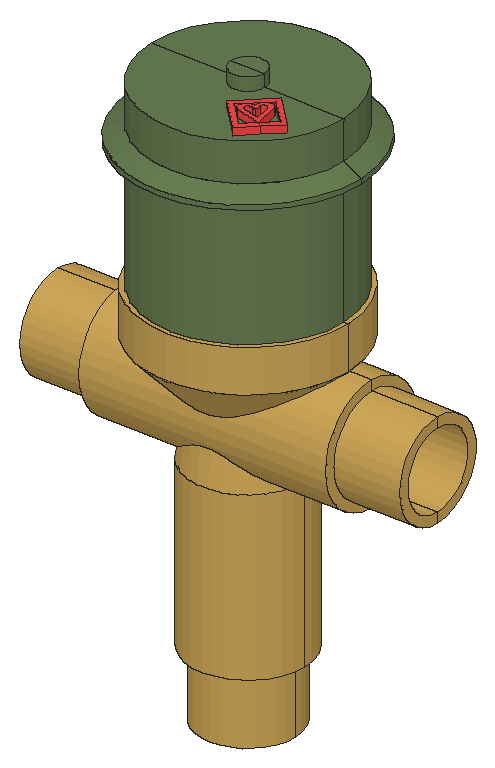
Revit family "Смесительный клапан системы водоснабжения 7766 54", category Rohrzubehör, Revit 2021
Family settings
  Bemaßung runder Anschluss = Durchmesser verwenden
  Teiletyp = Unterbricht
  OmniClass-Nummer = 23.65.55.14
  OmniClass-Titel = Valves for Liquid Services
  Arbeitsebenenbasiert = Nein
  Immer vertikal = Ja
  Beim Laden mit Abzugskörper schneiden = Nein
  Gemeinsam genutzt = Nein
Parameters
  Шпиндель = "латунь, устойчивая к селективной цинковой коррозии, CW626N"  # constant formula
  Уплотнение = "EPDM"  # constant formula
  Среда = "Питьевая вода"  # constant formula
  Пружина = "нержавеющая сталь 1.4310"  # constant formula
  Примечание = "В соответствии со статьей 33 Регламента REACH (Registration; Evaluation; Authorisation; Restriction of Chemicals) (EC № 1907/2006) мы обязаны указать, что свинец внесен в список SVHC (Substances of Very High Concern - вещества очень высокой важности) и весовой процент свинца во всех латунных компонентах заводского изготовления в наших изделиях, превышает 0,1 % (w/w) (CAS: 7439-92-1 / EINECS: 231-100-4).\r\nПоскольку свинец является легирующим компонентом сплава, прямое негативное влияние исключается, и поэтому дополнительной информации о безопасном использовании не требуется."
  Номер заказа = 2776654  # constant formula
  Маховик = "ABS"  # constant formula
  Корпус = "латунь, устойчивая к селективной цинковой коррозии, CC770S"  # constant formula
  Температурная стабильность на выходе = "+-2°C"  # constant formula
  Мин. превышение температуры горячей воды над температурой воды в смесителе = 15 °C  # constant formula
  Мин. расход = 0.07 L/s  # constant formula
  Мин. рабочая температура (холодная вода) = "5 °C - 25 °C"  # constant formula
  Макс. рабочая температура (горячая вода) = 85 °C  # constant formula
  Макс. рабочее давление (динамическое) = "0.2 - 6 bar"  # constant formula
  Указания по техническому обслуживанию = "• Рекомендуется проведение проверки не реже одного раза в год.\r\n   При использовании воды плохого или неизвестного качества проверки следует проводить чаще.\r\n• Проверки температуры воды на выходе должны выполняться точно таким же способом, как и при первичной установке; значение этой температуры не должно отличаться от заданной температуры более, чем на + / - 2 °С.\r\n• Обратные клапаны легко доступны для чистки.\r\n   Рекомендуется использовать плоскогубцы с удлиненными губками для того, чтобы избежать повреждений обратного клапана при его извлечении.\r\n• Помимо снятия маховика и очистки обратного клапана дальнейший демонтаж клапана для технического обслуживания не требуется."
  Vorgabe-Ansicht = 0 mm
  URL = "www.herz-armaturen.ru"
  Диапазон установки = "35 °C - 50 °C"  # constant formula
  Указания по безопасности = "Cмесительный клапан для систем питьевого водоснабжения выполняет функцию защитaы от ожога.\r\nЕго рекомендуется заменять каждые 5 лет.\r\nМестные стандарты и правила должны соблюдаться."
  SCTWSEQ = "AW;SBT_TYP_AW=\"104\";3"
  SCTWCODE = "04;18;03"  # constant formula
  S02 = H07 - H01 - H05  # 38.4 mm
  S01 = H00 - H01  # 61 mm
  R07 = 3.5 mm  # constant formula
  R06 = 24 mm  # constant formula
  R05 = 20.3 mm  # constant formula
  R04 = 24 mm  # constant formula
  R03 = R02 + 2 mm  # 12 mm
  R02 = Nennweite / 2  # 10 mm
  R01 = 8 mm  # constant formula
  Nennweite = 20 mm  # constant formula
  Температура смешения (заводская настройка) = 45 °C  # constant formula
  LO1 = H07 - H05  # 59.4 mm
  L02 = 21.3 mm  # constant formula
  L01 = 12 mm  # constant formula
  L00 = 40 mm  # constant formula
  Внутренние части = "латунь, устойчивая к селективной цинковой коррозии, CW626N"  # constant formula
  Hersteller = "HERZ Armaturen Ges.m.b.H."  # constant formula
  H08 = 8 mm  # constant formula
  H07 = 62 mm  # constant formula
  H06 = 25.4 mm  # constant formula
  H05 = 2.6 mm  # constant formula
  H04 = 35 mm  # constant formula
  H03 = 14 mm  # constant formula
  H02 = 9 mm  # constant formula
  H01 = 21 mm  # constant formula
  H00 = 82 mm  # constant formula
  Принцип работы = "Термостатический смесительный клапан 7766 TMV применяется в системах с теплой питьевой водой.\r\nНезависимо от изменений давления или температуры холодной и горячей воды, смешиваемой в клапане, смешанная вода постоянно регулируется до заданной температуры и расхода.\r\nТермостатический клапан работает независимо и без дополнительной энергии.\r\nПосле монтажа предварительно настроенное значение желаемой температуры смешивания поддерживается постоянным в пределах гистерезиса регулирования."
  Расход при давлении 3 бар = 0.7 L/s  # constant formula
  Рабочее давление (статическое) = 1000000.0 Pa  # constant formula
  Резьба для подключения = "плоское уплотнение, G 3/4"  # constant formula
Reference planes
  plane 1 "Mitte (Vorne/hinten)": y = 0
  plane 2: z = 0
  plane 3 "Mitte (Links/rechts)": x = 0
Forms (mm)
  Revolve 1, solid, material "Kunststoff GRÜN", detail levels fine
    sketch origin (-2.352, 0, -141.797) x (1, 0, 0) y (0, 0, 1)
      loop
        line (-1.148, 201.197) -> (-17.948, 201.197) -> (-17.948, 193.197) -> (-21.648, 191.197) -> (-21.648, 190.197) -> (-17.948, 188.197) -> (-17.948, 162.797) -> (2.352, 162.797) -> (2.352, 203.797) -> (-1.148, 203.797) -> (-1.148, 201.197)
      axis (2.352, 203.797) -> (2.352, 162.797)
    angle from 0 to 360
  Revolve 2, solid, material "Messing, weicher Gelbton, geschweißt", detail levels fine
    sketch origin (101.455, 0, 0) x (1, 0, 0) y (0, 0, 1)
      loop
        line (-101.455, -49) -> (-101.455, 21) -> (-122.755, 21) -> (-122.755, 12) -> (-111.455, 0) -> (-113.455, -12) -> (-113.455, -47) -> (-111.455, -47) -> (-111.455, -61) -> (-109.455, -61) -> (-109.455, -49) -> (-101.455, -49)
      axis (-101.455, 21) -> (-101.455, -61)
    angle from 0 to 360
  Revolve 3, solid, material "Messing, weicher Gelbton, geschweißt", detail levels fine
    sketch origin (-28, 0, 0) x (1, 0, 0) y (0, 0, 1)
      loop
        line (56, 8) -> (68, 8) -> (68, 10) -> (54, 10) -> (54, 12) -> (2, 12) -> (2, 10) -> (-12, 10) -> (-12, 8) -> (0, 8) -> (0, 0) -> (56, 0) -> (56, 8)
      axis (-12, 0) -> (68, 0)
    angle from 0 to 360
Lines and regions (mm)
  model lines, detail levels coarse+medium
    curve 1: line (-40, 0, 10) -> (-40, 0, -10)
    curve 2: line (-40, 0, -10) -> (40, 0, 10)
    curve 3: line (40, 0, 10) -> (40, 0, -10)
    curve 4: line (40, 0, -10) -> (-40, 0, 10)
    curve 5: line (0, 0, 0) -> (10, 0, -61)
    curve 6: line (10, 0, -61) -> (-10, 0, -61)
    curve 7: line (-10, 0, -61) -> (0, 0, 0)
    curve 8: line (0, 0, 0) -> (0, 0, 21)
    curve 9: line (-20.3, 0, 21) -> (20.3, 0, 21)
    curve 10: line (20.3, 0, 21) -> (20.3, 0, 59.4)
    curve 11: line (20.3, 0, 59.4) -> (-20.3, 0, 59.4)
    curve 12: line (-20.3, 0, 59.4) -> (-20.3, 0, 21)
    curve 13: line (20.3, 0, 59.4) -> (-20.3, 0, 21)
    curve 14: line (-20.3, 0, 59.4) -> (20.3, 0, 21)
    curve 15: line (-40, 10, 0) -> (-40, -10, 0)
    curve 16: line (-40, -10, 0) -> (40, 10, 0)
    curve 17: line (40, 10, 0) -> (40, -10, 0)
    curve 18: line (40, -10, 0) -> (-40, 10, 0)
    curve 19: line (0, 0, 0) -> (-10, -61, 0)
    curve 20: line (-10, -61, 0) -> (10, -61, 0)
    curve 21: line (10, -61, 0) -> (0, 0, 0)
    curve 22: line (0, 0, 0) -> (0, 21, 0)
    curve 23: line (-20.3, 21, 0) -> (20.3, 21, 0)
    curve 24: line (20.3, 21, 0) -> (20.3, 59.4, 0)
    curve 25: line (20.3, 59.4, 0) -> (-20.3, 59.4, 0)
    curve 26: line (-20.3, 59.4, 0) -> (-20.3, 21, 0)
    curve 27: line (20.3, 59.4, 0) -> (-20.3, 21, 0)
    curve 28: line (-20.3, 59.4, 0) -> (20.3, 21, 0)
Dimensions and locks
  "L00": Revolve 3 sketch curve to plane 3 "Mitte (Links/rechts)" to Revolve 3 sketch curve
  "L01": Revolve 3 sketch curve to Revolve 3 sketch curve  (x2)
  "R01": Revolve 3 sketch curve to Revolve 3 sketch curve  (x2)
  "R02": Revolve 3 sketch curve to Revolve 3 sketch curve
  "L02": Revolve 2 sketch curve to Revolve 2 sketch curve
  "H02": Revolve 2 sketch curve to Revolve 2 sketch curve
  "R02": Revolve 2 sketch curve to Revolve 2 sketch curve  (x2)
  "H01": Revolve 2 sketch curve to plane 2
  "H00": Revolve 2 sketch curve to Revolve 2 sketch curve
  "H03": Revolve 2 sketch curve to Revolve 2 sketch curve
  "R03": Revolve 2 sketch curve to Revolve 2 sketch curve
  "H04": Revolve 2 sketch curve to Revolve 2 sketch curve
  "R01": Revolve 2 sketch curve to Revolve 2 sketch curve
  "L01": Revolve 2 sketch curve to Revolve 2 sketch curve
  "H03": Revolve 3 sketch curve to Revolve 3 sketch curve  (x2)
  "R03": Revolve 3 sketch curve to Revolve 3 sketch curve
  "R05": Revolve 1 sketch curve to Revolve 1 sketch curve  (x2)
  "H07": Revolve 1 sketch curve to plane 2
  "H05": Revolve 1 sketch curve to Revolve 1 sketch curve
  "H06": Revolve 1 sketch curve to Revolve 1 sketch curve
  "H08": Revolve 1 sketch curve to Revolve 1 sketch curve
  "R06": Revolve 1 sketch curve to Revolve 1 sketch curve
  "R07": Revolve 1 sketch curve to Revolve 1 sketch curve
  "R02": curve 4 to plane 2 to curve 2
  "R02": curve 3 to plane 2 to curve 4
  "L00": curve 1 to plane 3 "Mitte (Links/rechts)" to curve 3
  "R02": curve 6 to plane 3 "Mitte (Links/rechts)" to curve 7
  "S01": plane 2 to curve 6
  "H01": curve 8 to plane 2
  "S02": curve 11 to Revolve 1
  "R05": curve 12 to plane 3 "Mitte (Links/rechts)" to curve 10
  "L00": curve 15 to plane 3 "Mitte (Links/rechts)" to curve 17
  "R02": curve 16 to plane 1 "Mitte (Vorne/hinten)" to curve 18
  "R02": curve 18 to plane 1 "Mitte (Vorne/hinten)" to curve 17
  "R02": curve 20 to plane 3 "Mitte (Links/rechts)" to curve 21
  "S01": curve 20 to plane 1 "Mitte (Vorne/hinten)"
  "H01": plane 1 "Mitte (Vorne/hinten)" to curve 22
  "S02": curve 23 to curve 25
  "R05": curve 26 to plane 3 "Mitte (Links/rechts)" to curve 24
  "LO1": nested 1 to plane 2
  aligned and locked: level to plane 2
Automatic sketch dimensions
  curve 5 to level = 0 mm
  curve 8 to level = 0 mm
  plane 1 "Mitte (Vorne/hinten)" to curve 19 = 0 mm
  plane 1 "Mitte (Vorne/hinten)" to curve 22 = 0 mm
  Revolve 1 sketch curve to plane 3 "Mitte (Links/rechts)" = 0 mm  (x2)
  Revolve 1 sketch curve to Revolve 1 sketch curve = 2 mm  (x2)
  Revolve 1 sketch curve to Revolve 1 sketch curve = 1 mm
  Revolve 1 sketch curve to level = 366.045 mm
  Revolve 1 sketch curve to Revolve 1 sketch curve = 2152.315 mm
  Revolve 2 sketch curve to level = 0 mm
  Revolve 2 sketch curve to plane 3 "Mitte (Links/rechts)" = 0 mm  (x2)
  Revolve 2 sketch curve to Revolve 2 sketch curve = 0 mm
  Revolve 2 sketch curve to Revolve 2 sketch curve = 2193.315 mm
  Revolve 3 sketch curve to level = 0 mm  (x2)
  Revolve 3 sketch curve to Revolve 3 sketch curve = 2 mm
  Revolve 3 sketch curve to Revolve 3 sketch curve = 0 mm  (x2)
Nested families
  nested 1: "Herz-Logo" at (9.58, -9.58, 59.4) x (0.7071, 0.7071, 0) z (0, 0, 1), type "Herz-Logo", detail levels fine
Connectors
  piping at (-40, 0, 0), diameter 20, driven by "Nennweite"
    settings: on Revolve 3, index 1, connector inside diameter 609.6 mm, connector length 0 mm, flow factor 0, pipe flow 0.0 L/s, pressure drop 0.0 Pa, fitting loss kfactor 0, connector angle 0.00°, fixture units 0, engagement length 0 mm, angle of deflection 0.00°, flow configuration 0, flow direction 1, fitting loss method 0, system type 20, joint type 0, gender type 0, connector reference index -1, connector utility 0, adjustable connector no, is connector primary yes, connector description ""
  piping at (40, 0, 0), diameter 20, driven by "Nennweite"
    settings: on Revolve 3, index 2, connector inside diameter 609.6 mm, connector length 0 mm, flow factor 0, pipe flow 0.0 L/s, pressure drop 0.0 Pa, fitting loss kfactor 0, connector angle 0.00°, fixture units 0, engagement length 0 mm, angle of deflection 0.00°, flow configuration 0, flow direction 1, fitting loss method 0, system type 19, joint type 0, gender type 0, connector reference index -1, connector utility 0, adjustable connector no, is connector primary no, connector description ""
  piping at (0, 0, -61), diameter 20, driven by "Nennweite"
    settings: on Revolve 2, index 3, connector inside diameter 609.6 mm, connector length 0 mm, flow factor 0, pipe flow 0.0 L/s, pressure drop 0.0 Pa, fitting loss kfactor 0, connector angle 0.00°, fixture units 0, engagement length 0 mm, angle of deflection 0.00°, flow configuration 0, flow direction 2, fitting loss method 0, system type 29, joint type 0, gender type 0, connector reference index -1, connector utility 0, adjustable connector no, is connector primary no, connector description ""
Definition of nested family "Herz-Logo"
  Parameters (values of type "Herz-Logo")
    Default Elevation = 0 mm
  Reference planes
    plane 1 "Mitte (Vorne/hinten)": y = 0
    plane 2: z = 0
    plane 3 "Mitte (Links/rechts)": x = 0
  Forms (mm)
    Extrusion 1, solid
      sketch origin (0, 0, 0) x (1, 0, 0) y (0, 1, 0)
        loop
          line (-0.018, -4.517) -> (4.482, -4.517) -> (4.482, 4.483) -> (-4.518, 4.483) -> (-4.518, -4.517) -> (-0.018, -4.517)
        loop
          line (-0.05, -3.48) -> (3.482, -3.48) -> (3.482, 3.483) -> (-3.518, 3.483) -> (-3.518, -3.48) -> (-0.05, -3.48)
        loop
          arc (-0.018, 2.383) -> (-1.543, 3.287) -> (-3.067, 2.383) r 1.738
          arc (-3.067, 2.383) -> (-3.191, 1.899) -> (-3.067, 1.415) r 1.009
          line (-3.067, 1.415) -> (-0.018, -3.281) -> (3.032, 1.415)
          arc (3.032, 1.415) -> (3.156, 1.899) -> (3.032, 2.383) r 1.009
          arc (3.032, 2.383) -> (1.507, 3.287) -> (-0.018, 2.383) r 1.738
        loop
          arc (1.885, 1.272) -> (2.005, 1.675) -> (1.885, 2.079) r 0.74
          arc (1.885, 2.079) -> (1.265, 2.416) -> (0.644, 2.079) r 0.74
          line (0.644, 2.079) -> (-0.018, 0.97) -> (-0.679, 2.079)
          arc (-0.679, 2.079) -> (-1.3, 2.416) -> (-1.921, 2.079) r 0.74
          arc (-1.921, 2.079) -> (-2.04, 1.675) -> (-1.921, 1.272) r 0.74
          line (-1.921, 1.272) -> (-0.018, -1.658) -> (1.885, 1.272)
      from 0 to 1.5
  Dimensions and locks
    aligned and locked: level to plane 2
